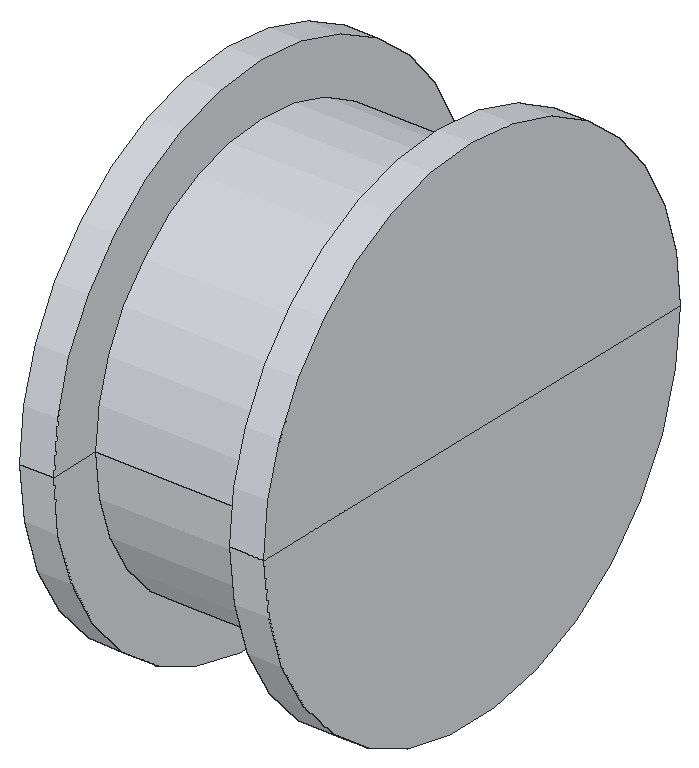
Revit family "06274a71ecd743e48f949fa23dd8f3fe", category Pipe Fittings, Revit 2021
Family settings
  Round Connector Dimension = Use Radius
  Part Type = Union
  OmniClass Number = 23.60.30.11.14
  OmniClass Title = Pipework Fittings
  Seek Item ID = Coupling - Generic-0000-USA-ENU
  Work Plane-Based = No
  Always vertical = Yes
  Cut with Voids When Loaded = No
  Shared = No
Parameters (values of type "Standard")
  Tick Size [instance] = Socket Outside Diameter * 0.4  # 6.4760"
  Socket Outside Radius [instance] = Socket Outside Diameter / 2  # 8.0950"
  Socket Outside Diameter [instance] = size_lookup(Lookup Table Name, "SOD", 1.08 * Nominal Diameter + 1.1200", Nominal Diameter)  # 16.1900"
  Nominal Radius [instance] = 7.0000"
  Nominal Diameter [instance] = Nominal Radius * 2  # 14.0000"
  Loss Method = K Coefficient from Table
  Lookup Table Name = "Sleeve Short Solid - MJ - GI - Class 150"
  Length Not Found [instance] = if(Nominal Diameter < 14.0000", 7.5000", if(Nominal Diameter < 30.0000", 9.5000", 15.0000"))  # 9.5000"
  Length [instance] = size_lookup(Lookup Table Name, "Lgt", Length Not Found, Nominal Diameter)  # 9.5000"
  K Coefficient Table = "Reducer/Coupling/Union/Increaser"
  Gland Width [instance] = size_lookup(Lookup Table Name, "GWid", 0.03 * Nominal Diameter + 0.9400", Nominal Diameter)  # 1.3100"
  Gland Outside Radius [instance] = Gland Outside Diameter / 2  # 10.1250"
  Gland Outside Diameter [instance] = size_lookup(Lookup Table Name, "GOD", 1.16 * Nominal Diameter + 4.0300", Nominal Diameter)  # 20.2500"
  Default Elevation = 0.0000"
Reference planes (in)
  plane 1 "Center (Front/Back)": y = 0
  plane 2: z = 0
  plane 3 "Center (Left/Right)": x = 0
  plane 4: x = -4.75
  plane 5: x = 4.75
  plane 6: y = 6.476
  plane 7: y = -6.476
  plane 8: y = 8.095
  plane 9: y = 10.125
  plane 10: x = -3.44
  plane 11: x = 3.44
Forms (in)
  Revolve 1, solid, detail levels fine
    sketch origin (0, 0, 0) x (1, 0, 0) y (0, 1, 0)
      loop
        line (-4.75, 0) -> (4.75, 0) -> (4.75, 10.125) -> (3.44, 10.125) -> (3.44, 8.095) -> (-3.44, 8.095) -> (-3.44, 10.125) -> (-4.75, 10.125) -> (-4.75, 0)
      axis (-4.75, 0) -> (4.75, 0)
    angle from 0 to 360
Lines and regions (in)
  model lines, detail levels coarse+medium
    curve 1: line (-4.75, 0, 0) -> (4.75, 0, 0)
    curve 2: line (-4.75, 6.476, 0) -> (-4.75, -6.476, 0)
    curve 3: line (4.75, 6.476, 0) -> (4.75, -6.476, 0)
Dimensions and locks (in)
  equal spacing: plane 4, plane 3 "Center (Left/Right)", plane 5
  "Length": plane 4 to plane 5
  "Tick Size": plane 6 to plane 1 "Center (Front/Back)"
  "Tick Size": plane 7 to plane 1 "Center (Front/Back)"
  "Socket Outside Radius": plane 8 to plane 1 "Center (Front/Back)"
  "Gland Outside Radius": plane 9 to plane 1 "Center (Front/Back)"
  "Gland Width": plane 4 to plane 10
  "Gland Width": plane 11 to plane 5
  aligned and locked: plane 6 to curve 2
  aligned and locked: plane 7 to curve 2
  aligned and locked: curve 2 to plane 4
  aligned and locked: plane 6 to curve 3
  aligned and locked: plane 7 to curve 3
  aligned and locked: plane 5 to curve 3
  aligned and locked: plane 4 to curve 1
  aligned and locked: plane 5 to curve 1
  aligned and locked: plane 1 "Center (Front/Back)" to curve 1
  aligned and locked: plane 1 "Center (Front/Back)" to Revolve 1 sketch curve
  aligned and locked: plane 5 to Revolve 1 sketch curve
  aligned and locked: plane 11 to Revolve 1 sketch curve
  aligned and locked: Revolve 1 sketch curve to plane 9  (x2)
  aligned and locked: Revolve 1 sketch curve to plane 8
  aligned and locked: Revolve 1 sketch curve to plane 10
  aligned and locked: plane 4 to Revolve 1 sketch curve
  aligned and locked: Revolve 1 sketch curve to Revolve 1 sketch curve
Automatic sketch dimensions
  Revolve 1 sketch curve to plane 4 = 4.7500"
  Revolve 1 sketch curve to Revolve 1 sketch curve = 6.7500"
Connectors (in)
  piping at (-4.75, 0, 0), diameter 14, driven by "Nominal Radius"
    settings: on Revolve 1, index 1, connector inside diameter 14.0000", connector length 0.0000", flow factor 0, pipe flow 0 GPM, pressure drop 0.00 psi, fitting loss kfactor 0, connector angle 0.00°, fixture units 0, engagement length 0.0000", angle of deflection 0.00°, flow configuration 0, flow direction 0, fitting loss method 0, system type 28, joint type 0, gender type 0, connector reference index 2, connector utility 0, adjustable connector no, is connector primary yes, connector description ""
  piping at (4.75, 0, 0), diameter 14, driven by "Nominal Radius"
    settings: on Revolve 1, index 2, connector inside diameter 14.0000", connector length 0.0000", flow factor 0, pipe flow 0 GPM, pressure drop 0.00 psi, fitting loss kfactor 0, connector angle 0.00°, fixture units 0, engagement length 0.0000", angle of deflection 0.00°, flow configuration 0, flow direction 0, fitting loss method 0, system type 28, joint type 0, gender type 0, connector reference index 1, connector utility 0, adjustable connector no, is connector primary no, connector description ""
